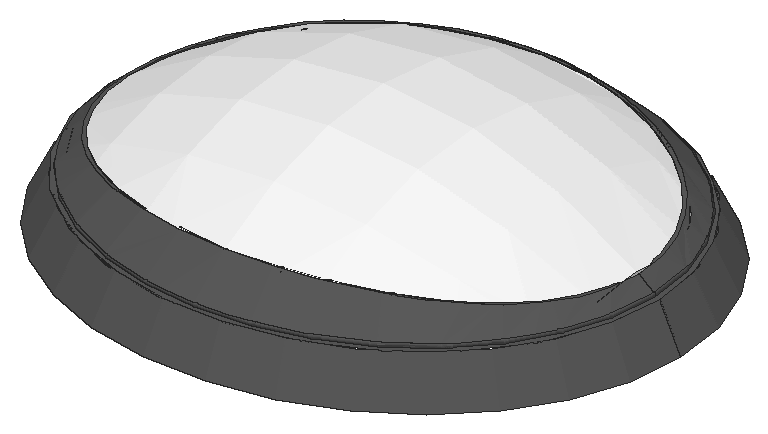
Revit family "4063808 Feilo Sylvania Lighting Fixtures BRIO IP65VR LED 3K EM BLK  G2", category Lighting Fixtures, host Face, Revit 2017
Family settings
  Host = Face
  Round Connector Dimension = Use Diameter
  Part Type = Normal
  OmniClass Number = 23.80.70.00
  OmniClass Title = Lighting
  Cut with Voids When Loaded = No
  Light Source = Yes
  Shared = No
  Room Calculation Point = No
Parameters (values of type "4063808 BRIO IP65VR LED 3K EM BLK  G2 High Output High Output")
  Weight = "3.2 kg"
  Wattage Comments = "n/a"
  Wattage = 19 W
  WarrantyStartDate [instance] = "n/a"
  WarrantyGuarantorParts = "n/a"
  WarrantyDurationUnit = "n/a"
  WarrantyDurationParts = "n/a"
  WarrantyDescription = "n/a"
  built-in parameter 1150110 = 1 (stored number, unit not read)
  Voltage = 230 V
  URL = "http://www.sylvania-lighting.com"
  TypeName = "BRIO IP65VR LED 3K EM BLK  G2"
  Type Image = <None>
  Type Comments = "n/a"
  built-in parameter 1114217 = 1 (stored number, unit not read)
  Tilt Angle = -90.00°
  built-in parameter 1150109 = 1 (stored number, unit not read)
  built-in parameter 1150134 = (empty or 0)
  built-in parameter 1150113 = 1 (stored number, unit not read)
  SerialNumber [instance] = "n/a"
  ReflectorMaterial = none
  PowerFactor = 0.98
  PowerConsumption = "19 W"
  Photometric Web File = "4063808-EM.ies"
  NominalLength = 104 mm
  NominalHeight = 440 mm
  NominalDepth = 390 mm
  Name = "BRIO IP65VR LED 3K EM BLK  G2"
  ModelReference = Name  # "BRIO IP65VR LED 3K EM BLK  G2"
  ModelNumber = "4063808"
  Model = Name  # "BRIO IP65VR LED 3K EM BLK  G2"
  Material = "aluminium body, polycarbonate diffuser"
  ManufacturerName = "Feilo Sylvania"
  Manufacturer = "Feilo Sylvania"
  LuminousEfficacy = "67 lm/W"
  built-in parameter 1150105 = 101.3 (stored number, unit not read)
  Lumens = 1273 lm
  LuminaireType = ""
  built-in parameter 1150115 = 1 (stored number, unit not read)
  LightOutputRatio = "100"
  built-in parameter 1150137 = (empty or 0)
  built-in parameter 1150139 = (empty or 0)
  LampsType = Lamp  # "LED"
  LampNominalLuminous = "1266 lm"
  LampMacAdamStep = "n/a"
  LampColourTemperature = "3000 K"
  LampColourRenderingIndex = "80"
  built-in parameter 1150112 = 1 (stored number, unit not read)
  built-in parameter 1150114 = 1 (stored number, unit not read)
  Lamp = "LED"
  Keynote = "16500"
  InstallationDate [instance] = "n/a"
  InputVoltage = "230-240V~"
  InputNominalFrequency = "50/60 Hz"
  built-in parameter 1150132 = (empty or 0)
  built-in parameter 1150102 = (empty or 0)
  built-in parameter 1150107 = 3000 (stored number, unit not read)
  built-in parameter 1150138 = (empty or 0)
  IngressProtection = "IP65"
  ImpactProtectionIndex = "IK10"
  built-in parameter 1150106 = 1.013 (stored number, unit not read)
  IfcExportType = "IfcLightFixtureType"
  IfcExportAs = "IfcLightFixtureType"
  ExpectedLife = 50000
  Emit from Circle Diameter = 300 mm
  Emit Shape Visible in Rendering = no
  ElectricShockClassification = "Class I"
  built-in parameter 1150104 = 6.2245 (stored number, unit not read)
  DurationUnit = "hours"
  DocumentationLiterature = "http://www.sylvania-lighting.com/product/en-int/products/4063808"
  DimmingControlOptions = "n/a"
  Dimming Lamp Color Temperature Shift = <None>
  DiffuserMaterial = Diffuser-Sylvania-BrioIP65VR-Opal
  Description = "Led exterior bulkhead, Unique feature allowing a choice between High Output or High Efficiency with the flick of a switch, die-cast aluminium body,  vandal resistant, 665/1266LM, 9/17W, 74/74lm/W, 3000K, Driver Current: 350/750mA, CRI80, Non dimmable, Emergency, IP55,IK10, 50,000hrs (L70), (HxWxD) 358 x 408 x 104mm,  3.2kg, 3 step MacAdam ellipse,  RAL 9005, Class 1, 230V,  energy class: A++, A+, A"
  Default Elevation = 1219.2 mm
  CreatedOn = "23/11/2017"
  CreatedBy = ""
  Cost = 0
  Color Filter = 16777215
  built-in parameter 1114216 [instance] = (empty or 0)
  ClassificationValue = "EF_70_80"
  ClassificationName = "Uniclass2015"
  BodyMaterial = Body-Sylvania-BrioIP65VR-Black
  BarCode [instance] = "n/a"
  built-in parameter 1114218 = 1 (stored number, unit not read)
  built-in parameter 1150133 = 10 (stored number, unit not read)
  AssetType = "Fixed"
  AssetIdentifier [instance] = "n/a"
  Assembly Code = "D5020200"
  Apparent Load = 19 VA
  AccessoryMaterial = none
Types (2, lengths in mm): name | Wattage | PowerConsumption | built-in parameter 1150105 | Lumens | LampNominalLuminous | built-in parameter 1150106 | Apparent Load
  4063808 BRIO IP65VR LED 3K EM BLK  G2 High Output High Output | 19 W | "19 W" | 101.3 (stored number, unit not read) | 1273 lm | "1266 lm" | 1.013 (stored number, unit not read) | 19 VA
  4063808 BRIO IP65VR LED 3K EM BLK  G2 High Efficiency High Efficiency | 11 W | "11 W" | 58.649 (stored number, unit not read) | 737 lm | "665 lm" | 0.58649 (stored number, unit not read) | 11 VA
Reference planes
  plane 1 "Center (Front/Back)": y = 0
  plane 2: z = 0
  plane 3 "Center (Left/Right)": x = 0
  plane 4: x = 220
  plane 5: x = -220
  plane 6: y = 195
  plane 7: y = -195
  plane 8: z = 104
  plane 9: z = 32.5
  plane 10: z = 60
  plane 11: x = -172.7
  plane 12: x = -203.7
  plane 13: z = 45
  plane 14: y = -147.7
  plane 15: y = 147.7
  plane 16: z = 58.9
  plane 17: y = 146.8
  plane 18: y = -146.8
  plane 19: y = -148.7
  plane 20: y = 148.7
  plane 21: x = -193.7
Forms (mm)
  Blend 1, solid, material "Body-Sylvania-BrioIP65VR-Black" <- "BodyMaterial"
    base sketch origin (0, 0, 0) x (1, 0, 0) y (0, 1, 0)
      loop
        spline (-220, 0) -> (-212.504, -50.47) -> (-190.526, -97.5) -> (-155.563, -137.886) -> (-110, -168.875) -> (-56.94, -188.356) -> (0, -195) -> (56.94, -188.356) -> (110, -168.875) -> (155.563, -137.886) -> (190.526, -97.5) -> (212.504, -50.47) -> (220, 0)
        spline (220, 0) -> (212.504, 50.47) -> (190.526, 97.5) -> (155.563, 137.886) -> (110, 168.875) -> (56.94, 188.356) -> (0, 195) -> (-56.94, 188.356) -> (-110, 168.875) -> (-155.563, 137.886) -> (-190.526, 97.5) -> (-212.504, 50.47) -> (-220, 0)
    top sketch origin (0, 0, 0) x (1, 0, 0) y (0, 1, 0)
      loop
        spline (-203.75, 0) -> (-196.807, -46.329) -> (-176.453, -89.5) -> (-144.073, -126.572) -> (-101.875, -155.019) -> (-52.734, -172.901) -> (0, -179) -> (52.734, -172.901) -> (101.875, -155.019) -> (144.073, -126.572) -> (176.453, -89.5) -> (196.807, -46.329) -> (203.75, 0)
        spline (203.75, 0) -> (196.807, 46.329) -> (176.453, 89.5) -> (144.073, 126.572) -> (101.875, 155.019) -> (52.734, 172.901) -> (0, 179) -> (-52.734, 172.901) -> (-101.875, 155.019) -> (-144.073, 126.572) -> (-176.453, 89.5) -> (-196.807, 46.329) -> (-203.75, 0)
    from 0 to 32.5
  Sweep 2, solid, material "Body-Sylvania-BrioIP65VR-Black" <- "BodyMaterial"
    path in 3D
      loop
        spline (203.75, 0, 32.5) -> (196.807, -46.329, 32.5) -> (176.453, -89.5, 32.5) -> (144.073, -126.572, 32.5) -> (101.875, -155.019, 32.5) -> (52.734, -172.901, 32.5) -> (0, -179, 32.5) -> (-52.734, -172.901, 32.5) -> (-101.875, -155.019, 32.5) -> (-144.073, -126.572, 32.5) -> (-176.453, -89.5, 32.5) -> (-196.807, -46.329, 32.5) -> (-203.75, 0, 32.5)
        spline (-203.75, 0, 32.5) -> (-196.807, 46.329, 32.5) -> (-176.453, 89.5, 32.5) -> (-144.073, 126.572, 32.5) -> (-101.875, 155.019, 32.5) -> (-52.734, 172.901, 32.5) -> (0, 179, 32.5) -> (52.734, 172.901, 32.5) -> (101.875, 155.019, 32.5) -> (144.073, 126.572, 32.5) -> (176.453, 89.5, 32.5) -> (196.807, 46.329, 32.5) -> (203.75, 0, 32.5)
    profile origin (-203.75, 0, 32.5) x (-1, 0, 0) y (0, 0, 1)
      loop
        line (-31.05, 27.5) -> (-32.113, 26.437) -> (-10.05, 6.897) -> (-10.05, 1.5) -> (-31.05, 1.5) -> (-31.05, 0) -> (-5.172, 0)
        arc (-5.172, 0) -> (-3.338, 1.266) -> (-3.872, 3.429) r 1.961
        line (-3.872, 3.429) -> (-31.05, 27.5)
  Extrusion 3, void
    sketch origin (0, 0, 0) x (0, 1, 0) y (0, 0, 1)
      loop
        arc (-148.7, 60) -> (0, 45) -> (148.7, 60) r 744.556
        line (148.7, 60) -> (-148.7, 60)
    from -220 to 220
  Sweep 4, solid, material "Diffuser-Sylvania-BrioIP65VR-Opal" <- "DiffuserMaterial"
    path in 3D
      loop
        arc (0, 146.8, 58.9) -> (0, 0, 104) -> (0, -146.8, 58.9) r 261.466
    profile origin (0, 0, 104) x (0, 0, -1) y (1, 0, 0)
      loop
        line (59, -187.374) -> (61.459, -185.655)
        arc (61.459, -185.655) -> (3, 0) -> (61.459, 185.655) r 324.034
        line (61.459, 185.655) -> (59, 187.374)
        arc (59, 187.374) -> (0, 0) -> (59, -187.374) r 327.034
  Extrusion 5, void
    sketch origin (0, 0, 0) x (1, 0, 0) y (0, 1, 0)
      loop
        spline (-193.7, 0) -> (-187.1, -38.486) -> (-167.749, -74.35) -> (-136.967, -105.147) -> (-96.85, -128.778) -> (-50.133, -143.633) -> (0, -148.7) -> (50.133, -143.633) -> (96.85, -128.778) -> (136.967, -105.147) -> (167.749, -74.35) -> (187.1, -38.486) -> (193.7, 0)
        spline (193.7, 0) -> (187.1, 38.486) -> (167.749, 74.35) -> (136.967, 105.147) -> (96.85, 128.778) -> (50.133, 143.633) -> (0, 148.7) -> (-50.133, 143.633) -> (-96.85, 128.778) -> (-136.967, 105.147) -> (-167.749, 74.35) -> (-187.1, 38.486) -> (-193.7, 0)
      loop
        line (-203.7, 195) -> (-203.7, -195) -> (220, -195) -> (220, 195) -> (-203.7, 195)
    from 0 to 60
Cuts and joins
  Extrusion 3 cuts Sweep 2
  Extrusion 5 cuts Sweep 4
Lines and regions (mm)
  sketch lines
    curve 1: spline (-203.75, 0, 32.5) -> (-196.807, 46.329, 32.5) -> (-176.453, 89.5, 32.5) -> (-144.073, 126.572, 32.5) -> (-101.875, 155.019, 32.5) -> (-52.734, 172.901, 32.5) -> (0, 179, 32.5) -> (52.734, 172.901, 32.5) -> (101.875, 155.019, 32.5) -> (144.073, 126.572, 32.5) -> (176.453, 89.5, 32.5) -> (196.807, 46.329, 32.5) -> (203.75, 0, 32.5)
    curve 2: spline (203.75, 0, 32.5) -> (196.807, -46.329, 32.5) -> (176.453, -89.5, 32.5) -> (144.073, -126.572, 32.5) -> (101.875, -155.019, 32.5) -> (52.734, -172.901, 32.5) -> (0, -179, 32.5) -> (-52.734, -172.901, 32.5) -> (-101.875, -155.019, 32.5) -> (-144.073, -126.572, 32.5) -> (-176.453, -89.5, 32.5) -> (-196.807, -46.329, 32.5) -> (-203.75, 0, 32.5)
    curve 4: arc (0, 146.8, 58.9) -> (0, 0, 104) -> (0, -146.8, 58.9) r 261.466
  reference lines
    curve 3: arc (0, 146.8, 58.9) -> (0, 0, 104) -> (0, -146.8, 58.9) r 261.466
Dimensions and locks
  equal spacing: plane 5, plane 3 "Center (Left/Right)", plane 4
  locked: plane 5 to plane 4 at 440
  equal spacing: plane 7, plane 1 "Center (Front/Back)", plane 6
  locked: plane 7 to plane 6 at 390
  locked: plane 8 to plane 2 at 104
  plane 9 to plane 2 = 32.5 mm
  locked: Blend 1 sketch curve to Blend 1 sketch curve at 195
  locked: Blend 1 sketch curve to Blend 1 sketch curve at 220
  locked: Blend 1 sketch curve to Blend 1 sketch curve at 203.75
  locked: Blend 1 sketch curve to Blend 1 sketch curve at 179
  locked: plane 10 to plane 9 at 27.5
  locked: plane 12 to plane 5 at 16.3
  locked: plane 11 to plane 5 at 47.3
  locked: plane 10 to plane 13 at 15
  equal spacing: plane 14, plane 1 "Center (Front/Back)", plane 15
  locked: plane 7 to plane 14 at 47.3
  locked: Sweep 2 sketch curve to Sweep 2 sketch curve at 1.5
  locked: Sweep 2 sketch curve to plane 9 at 1.5
  locked: plane 16 to plane 10 at 1.1
  equal spacing: plane 18, plane 1 "Center (Front/Back)", plane 17
  locked: plane 14 to plane 18 at 0.9
  locked: plane 2 to curve 3 at 157.466
  equal spacing: plane 19, plane 1 "Center (Front/Back)", plane 20
  locked: plane 19 to plane 14 at 1
  locked: Extrusion 3 sketch curve to plane 2 at 789.556
  locked: plane 21 to plane 12 at 10
  aligned and locked: plane 2 to host face
  aligned and locked: level to host face
  aligned and locked: plane 3 "Center (Left/Right)" to Blend 1 sketch curve  (x2)
  aligned and locked: plane 1 "Center (Front/Back)" to Blend 1 sketch curve  (x4)
  aligned and locked: Blend 1 to plane 9
  aligned and locked: Sweep 2 sketch curve to profile plane
  aligned and locked: plane 4 to Extrusion 3
  aligned and locked: plane 10 to Sweep 2 sketch curve
  aligned and locked: plane 17 to curve 3
  aligned and locked: plane 16 to curve 3  (x2)
  aligned and locked: plane 18 to curve 3
  aligned and locked: plane 13 to Sweep 4 sketch curve
  aligned and locked: plane 10 to Extrusion 3 sketch curve
  aligned and locked: plane 20 to Extrusion 3 sketch curve
  aligned and locked: plane 19 to Extrusion 3 sketch curve
  aligned and locked: plane 1 "Center (Front/Back)" to Extrusion 3 sketch curve
  aligned and locked: Extrusion 3 to plane 5
  aligned and locked: imposter light to plane 8
  aligned and locked: plane 3 "Center (Left/Right)" to imposter light
  aligned and locked: imposter light to plane 1 "Center (Front/Back)"
  aligned and locked: plane 21 to Sweep 2 sketch curve
  aligned and locked: Sweep 2 sketch curve to plane 21
  aligned and locked: plane 3 "Center (Left/Right)" to Extrusion 5 sketch curve
  aligned and locked: plane 1 "Center (Front/Back)" to Extrusion 5 sketch curve  (x2)
  aligned and locked: plane 6 to Extrusion 5 sketch curve
  aligned and locked: Extrusion 5 sketch curve to plane 7
  aligned and locked: Extrusion 5 sketch curve to plane 4
  aligned and locked: plane 12 to Extrusion 5 sketch curve
  aligned and locked: Extrusion 5 to level
  aligned and locked: Extrusion 5 to plane 10
Automatic sketch dimensions
  host sketch curve to host sketch curve = 2438.4 mm  (x2)
  Sweep 4 sketch curve to Sweep 4 sketch curve = 0 mm  (x2)
  Sweep 4 sketch curve to profile plane = 0 mm
  Sweep 4 sketch curve to Sweep 4 sketch curve = 2.459 mm  (x2)
  Sweep 4 sketch curve to Sweep 4 sketch curve = 265.575 mm
  Sweep 4 sketch curve to profile plane = 185.655 mm
  Sweep 4 sketch curve to Sweep 4 sketch curve = 1.719 mm
  Sweep 4 sketch curve to profile plane = 59 mm
  Sweep 2 sketch curve to Sweep 2 sketch curve = 21 mm
  Sweep 2 sketch curve to Sweep 2 sketch curve = 0 mm
  profile plane to Sweep 2 sketch curve = 26.437 mm
  Sweep 2 sketch curve to Sweep 2 sketch curve = 1.063 mm
  profile plane to Sweep 2 sketch curve = 1.961 mm
  profile plane to Sweep 2 sketch curve = 3.429 mm
  Extrusion 5 sketch curve to plane 21 = 0 mm
Connectors
  electrical at (0, 0, 0), driven by "Apparent Load", driven by "PowerFactor", driven by "Voltage"
    settings: index 1, voltage 230 V, apparent load 19 VA, apparent load phase1 0 VA, apparent load phase2 0 VA, apparent load phase3 0 VA, power factor 0.98, load classification "Lighting", number of poles 1, system type 30, power factor state 1, is connector primary yes, connector utility no, sub classification motor no, connector description ""
